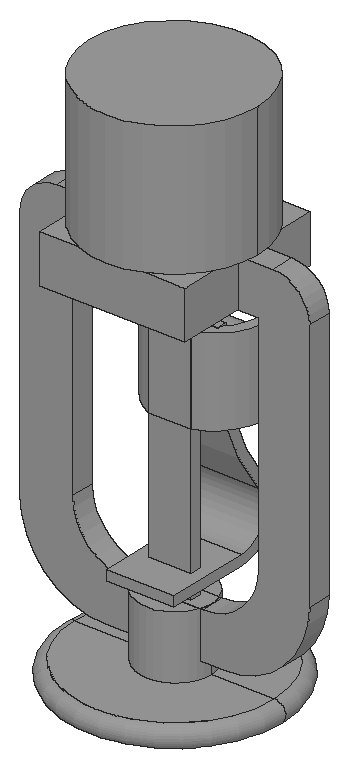
Revit family
Parameters (values of type "RASCO G PENDENT")
  Temperature Rating = 286 °F
  Response = (empty or 0)
  RASCO SIN # = "R1015"
  RASCO Part # = "GP3C"
  Pressure Rating = "175 PSI"
  Pressure Class = (empty or 0)
  Orifice Size = 1/2"
  Orifice = (empty or 0)
  Model = "G"
  Manufacturer = "RASCO"
  K-Factor = 5.62
  Description = "Chrome Finish"
  Coverage = (empty or 0)
Reference planes (in)
  plane 1 "Center (Front/Back)": y = 0
  plane 2: z = 0
  plane 3 "Center (Left/Right)": x = 0
Dimensions and locks (in)
  aligned and locked: plane 2 to level
Nested families (in)
  nested 1: "GP3C" at (-0.0055, 0.05766, 2.875) x (-1, 0, 0) z (0, 0, -1), type "RASCO G PENDENT"
Connectors (in)
  piping at (-0.0055, 0.05766, 2.875)
    settings: on nested 1, index 1, connector radius 0.45", flow factor 0, pipe flow 0 GPM, pressure drop 0.00 psi, fitting loss kfactor 0, connector angle 0.00°, fixture units 0, flow configuration 0, flow direction 0, fitting loss method 0, system type 7, connector reference index -1, connector utility 0, adjustable connector no, is connector primary yes, fitting loss table "", connector description ""
Definition of nested family "GP3C"
  Parameters (values of type "RASCO G PENDENT")
    Type Comments = ""
    Temperature Rating = 0 °F
    Response = (empty or 0)
    Pressure Rating = "0"
    Pressure Class = (empty or 0)
    Orifice Size = 0"
    Orifice = (empty or 0)
    Model = ""
    Manufacturer = ""
    K-Factor = 0
    Description = ""
    Coverage = (empty or 0)
    Assembly Code = ""
  Reference planes (in)
    plane 1 "Center (Front/Back)": y = 0
    plane 2: z = 0
    plane 3 "ref.2": z = 0.6875
    plane 4 "ref.3": z = 0.9375
    plane 5: x = -0.38065
    plane 6: x = 0.36935
    plane 7 "ref. side 1": y = 0.06402
    plane 8 "ref. side 2": y = -0.06098
    plane 9 "ref.4": z = 1.875
    plane 10 "ref.5": z = 2.875
    plane 11 "center": x = -0.00574
  Forms (in)
    Extrusion 1, solid, material "Default"
      sketch origin (0, 0, 0) x (1, 0, 0) y (0, 1, 0)
        loop
          circle (0, 0) r 0.438
      from 0 to 0.6875
    Extrusion 2, solid, material "Default"
      sketch origin (-0.12185, 0.05177, 0.6875) x (1, 0, 0) y (0, 1, 0)
        loop
          line (-0.2588, 0.356) -> (-0.2588, -0.4565) -> (0.4912, -0.4565) -> (0.4912, 0.356) -> (-0.2588, 0.356)
      from 0 to 0.25
    Extrusion 3, solid, material "Default"
      sketch origin (0, 0, 0) x (1, 0, 0) y (0, 0, 1)
        loop
          line (-0.49248, 0.9375) -> (-0.49248, 2.10276)
          arc (-0.49248, 2.10276) -> (-0.40724, 2.30855) -> (-0.20145, 2.39379) r 0.29103
          line (-0.20145, 2.39379) -> (0.18108, 2.39379)
          arc (0.18108, 2.39379) -> (0.38905, 2.30765) -> (0.47519, 2.09969) r 0.29411
          line (0.47519, 2.09969) -> (0.47519, 0.9375) -> (0.36935, 0.9375) -> (0.36935, 0.6875) -> (0.55741, 0.6875)
          arc (0.55741, 0.6875) -> (0.69165, 0.7431) -> (0.74725, 0.87734) r 0.18984
          line (0.74725, 0.87734) -> (0.74725, 2.19113)
          arc (0.74725, 2.19113) -> (0.61669, 2.50631) -> (0.3015, 2.63687) r 0.44574
          line (0.3015, 2.63687) -> (-0.30719, 2.63687)
          arc (-0.30719, 2.63687) -> (-0.62225, 2.50637) -> (-0.75275, 2.19131) r 0.44556
          line (-0.75275, 2.19131) -> (-0.75275, 0.87876)
          arc (-0.75275, 0.87876) -> (-0.69673, 0.74352) -> (-0.56149, 0.6875) r 0.19126
          line (-0.56149, 0.6875) -> (-0.38065, 0.6875) -> (-0.38065, 0.9375) -> (-0.49248, 0.9375)
      from -0.06402 to 0.06098
    Extrusion 4, solid, material "Default"
      sketch origin (-0.00199, 0, 2.4375) x (-1, 0, 0) y (0, -1, 0)
        loop
          circle (0.00574, -0.00152) r 0.1875
      from -0.04371 to 0.4375
    Revolve 5, solid, material "Default"
      sketch origin (-0.0011, 0, 0.30638) x (1, 0, 0) y (0, 0, 1)
        loop
          line (-0.00574, 2.41507) -> (-0.00574, 2.52719) -> (-0.52401, 2.52719)
          arc (-0.52401, 2.52719) -> (-0.58007, 2.47113) -> (-0.52401, 2.41507) r 0.05606
          line (-0.52401, 2.41507) -> (-0.00574, 2.41507)
        axis (-0.00574, 2.41507) -> (-0.00574, 2.52719)
      angle from 0 to 360
    Extrusion 6, solid, material "Default"
      sketch origin (0, 0, 0.9375) x (-1, 0, 0) y (0, -1, 0)
        loop
          line (-0.10175, -0.02852) -> (0.11324, -0.02852) -> (0.11324, 0.03101) -> (-0.10175, 0.03101) -> (-0.10175, -0.02852)
      from 0 to 1.45629
    Extrusion 7, solid, material "Default"
      sketch origin (-0.00574, -0.0095, -0.07537) x (0, 0, -1) y (0, -1, 0)
        loop
          line (-2.39379, 0.21198) -> (-2.39379, -0.229)
          arc (-2.39379, -0.229) -> (-2.26956, -0.41579) -> (-2.04926, -0.37342) r 0.20254
          arc (-2.04926, -0.37342) -> (-1.6599, -0.16721) -> (-1.22163, -0.12207) r 1.15319
          line (-1.22163, -0.12207) -> (-1.22163, -0.07087)
          arc (-1.22163, -0.07087) -> (-1.6782, -0.11947) -> (-2.0834, -0.33544) r 1.20419
          arc (-2.0834, -0.33544) -> (-2.24878, -0.36919) -> (-2.34279, -0.229) r 0.15154
          line (-2.34279, -0.229) -> (-2.34279, 0.21198) -> (-2.39379, 0.21198)
      from -0.17255 to 0.17398
    Extrusion 8, solid, material "Default"
      sketch origin (0, 0, 0) x (1, 0, 0) y (0, 1, 0)
        loop
          arc (0.23993, 0.23051) -> (0.19768, 0.11115) -> (0.10175, 0.02852) r 0.24647
          line (0.10175, 0.02852) -> (-0.11324, 0.02852)
          arc (-0.11324, 0.02852) -> (-0.21767, 0.12447) -> (-0.25194, 0.2621) r 0.24647
          line (-0.25194, 0.2621) -> (-0.25194, 0.40777) -> (-0.30719, 0.40777) -> (-0.30719, 0.25942)
          arc (-0.30719, 0.25942) -> (-0.25653, 0.08328) -> (-0.11324, -0.03101) r 0.30157
          line (-0.11324, -0.03101) -> (0.10175, -0.03101)
          arc (0.10175, -0.03101) -> (0.24461, 0.08262) -> (0.29574, 0.25785) r 0.30157
          line (0.29574, 0.25785) -> (0.29574, 0.40777) -> (0.23993, 0.40777) -> (0.23993, 0.23051)
      from 1.14626 to 1.59756
    Extrusion 9, solid, material "Default"
      sketch origin (-0.00574, -0.0095, -0.07537) x (0, 0, -1) y (0, -1, 0)
        loop
          circle (-1.44728, -0.26892) r 0.13147
      from -0.24568 to 0.24619
  Cuts and joins
    joined: Extrusion 1, Extrusion 2, Revolve 5
  Dimensions and locks (in)
    plane 10 "ref.5" to level = 2.875"
